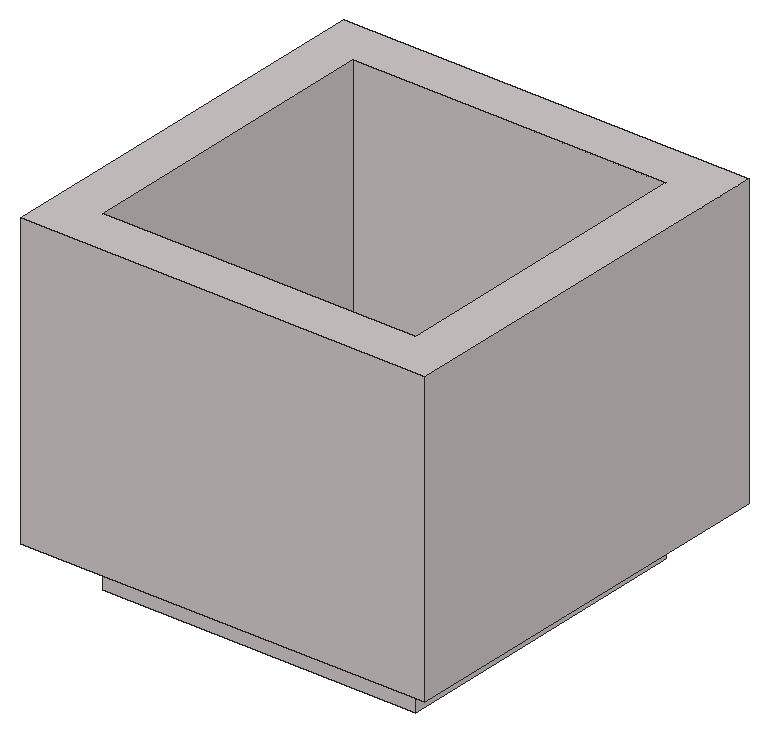
Revit family
Parameters (values of type "0900 x 0900mm")
  Material = Planter Material
  Depth = 900.00 mm
  Height = 750.00 mm
  Width = 900.00 mm
Types (3, lengths in mm): name | Depth | Width
  (no name) | 900.00 | 900.00
  1200 x 1200mm | 1200.00 | 1200.00
  0900 x 0900mm | 900.00 | 900.00
Reference planes
  plane 1 "Center (Front/Back)": y = 0
  plane 2: z = 0
  plane 3 "Center (Left/Right)": x = 0
  plane 4: y = 450
  plane 5: y = -450
  plane 6: x = 450
  plane 7: x = -450
  plane 8: z = 750
  plane 9: z = 101.6
  plane 10: z = 203.2
Forms (mm)
  Extrusion 1, solid, material "Planter Material" <- "Material"
    sketch origin (0, 0, 0) x (1, 0, 0) y (0, 1, 0)
      loop
        line (-450, 450) -> (-450, -450) -> (450, -450) -> (450, 450) -> (-450, 450)
    from 101.6 to 750
  Extrusion 2, solid, material "Planter Material" <- "Material"
    sketch origin (0, 0, 0) x (1, 0, 0) y (0, 1, 0)
      loop
        line (-348.4, 348.4) -> (-348.4, -348.4) -> (348.4, -348.4) -> (348.4, 348.4) -> (-348.4, 348.4)
    from 0 to 101.6
  Extrusion 3, void
    sketch origin (0, 0, 0) x (1, 0, 0) y (0, 1, 0)
      loop
        line (-348.4, 348.4) -> (-348.4, -348.4) -> (348.4, -348.4) -> (348.4, 348.4) -> (-348.4, 348.4)
    from 203.2 to 750
Cuts and joins
  Extrusion 3 cuts Extrusion 1
  Extrusion 3 cuts Extrusion 2
Dimensions and locks
  equal spacing: plane 7, plane 3 "Center (Left/Right)", plane 6
  "Width": plane 7 to plane 6
  equal spacing: plane 5, plane 1 "Center (Front/Back)", plane 4
  "Depth": plane 5 to plane 4
  "Height": plane 8 to plane 2
  locked: plane 9 to plane 2 at 101.6
  locked: plane 10 to plane 9 at 101.6
  aligned and locked: plane 7 to Extrusion 1 sketch curve
  aligned and locked: plane 4 to Extrusion 1 sketch curve
  aligned and locked: plane 5 to Extrusion 1 sketch curve
  aligned and locked: plane 6 to Extrusion 1 sketch curve
  aligned and locked: plane 8 to Extrusion 1
  aligned and locked: plane 9 to Extrusion 1
  aligned and locked: Extrusion 2 to plane 9
  aligned and locked: Extrusion 3 sketch curve to cut or joined group of Extrusion 2, Extrusion 3  (x4)
  aligned and locked: plane 8 to Extrusion 3
  aligned and locked: plane 10 to Extrusion 3
Automatic sketch dimensions
  Extrusion 2 sketch curve to plane 5 = 101.60 mm
  Extrusion 2 sketch curve to plane 7 = 101.60 mm
  plane 6 to Extrusion 2 sketch curve = 101.60 mm
  plane 4 to Extrusion 2 sketch curve = 101.60 mm
